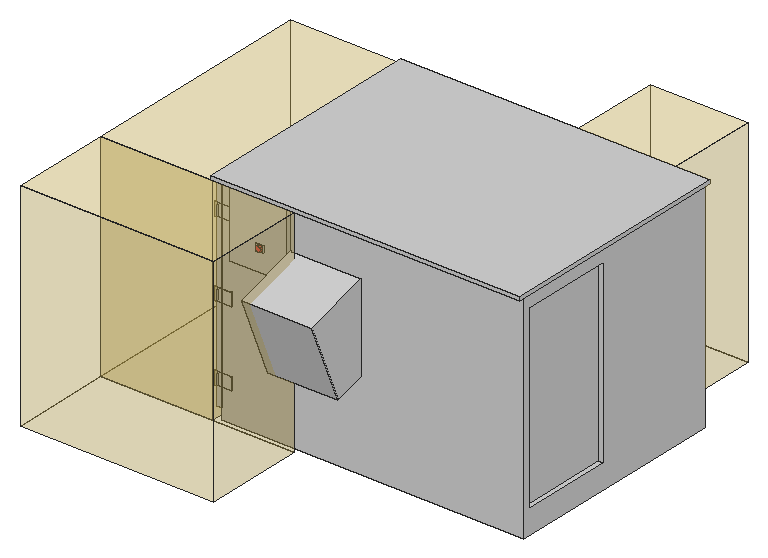
Revit family "Ventilator-RenewAire-Energy-Recovery-HE6XRTR", category Mechanical Equipment, Revit 2015
Parameters (values of type "5.0 HP 208-230V Three Phase")
  Voltage = "208-230"
  Ventilation Type = "Static Plate, Heat and Humidity Transfer"
  Unit Width = "113-1/2\""
  Unit Weight = "2,232-2,769 lbs."
  Unit Length = "106-1/2\""
  Unit Height = "81-3/4\""
  Unit = Metal - RenewAire - Anodized - Gray Text
  URL = "www.renewaire.com"
  Typical Airflow Range = "1,500 - 6,500 CFM"
  Standard Features = "TEFC Premium efficiency motors, Motor starters, Non-fused disconnect, 24 VAC transformer/relay package"
  Shipping Weight = "3,109 lbs."
  Service Area Visibility = yes
  Service Area Box = Interference - RenewAire - Smooth - Light - Gold
  Revit Object Download Link = ""
  Phase = "Three"
  Options = "Integrated programmable controls, Fused disconnect, Double wall construction, Factory supplied and mounted variable frequency drives (VFDs) - one or both airstreams, Class 1 low-leakage motorized isolation dampers - OA, EA or both airstreams, Qty. 2 Factory mounted filter alarms, Exterior paint - white, custom colors"
  Number Motors = "Qty. 2, Belt drive blower/standard motor packages with adjustable sheaves"
  Model = "HE6XRTR"
  Minimum Circuit Amps = "32.6 A"
  Maximum Overcurrent Protection = "45 A"
  Max. Shipping Width = "90\""
  Max. Shipping Length = "116\""
  Max. Shipping Height = "90\""
  Manufacturer = "RenewAire LLC"
  Frequency = "60 HZ"
  FLA per Motor = "14.5-13.4"
  Description = "Energy Recovery Ventilator"
  Connector Base Material = Glass - With - Transparency
  Accessories = "Filters - MERV 13, 2\" (shipped loose), Roof Curb - standard 14\", Curb wind clip,\r\nEngineered combo curb for Carrier RTU, Engineered combo curb for Trane RTU, Digital time clock - wall mount(TC7D-W), in exterior enclosure (TC7D-E), Motion occupancy control - ceiling mount(MC-C), wall mount(MC-W), Carbon dioxide control - wall mount (CO2-W),  duct mount(CO2-D), Electric duct heater – EK series (1-60 KW), EH series (61-175 KW); designed for indoor ductwork installation only, Indirect gas-fired duct furnace - GH series (50-400 MBH), installed downstream of any fans"
  AHRI 1060 Certified Core = "Six L125-G5"
Types (7): name | Voltage | Minimum Circuit Amps | Maximum Overcurrent Protection | FLA per Motor
  (no name) | "208-230" | "32.6 A" | "45 A" | "14.5-13.4"
  5.0 HP 208-230V Three Phase | "208-230" | "32.6 A" | "45 A" | "14.5-13.4"
  5.0 HP 460V Three Phase | "460" | "15.1 A" | "20 A" | "6.7"
  5.0 HP 575V Three Phase | "575" | "11.9 A" | "15 A" | "5.3"
  7.5 HP 208-230V Three Phase | "208-230" | "47.3 A" | "60 A" | "21.0-19.0"
  7.5 HP 460V Three Phase | "460" | "21.4 A" | "25 A" | "9.5"
  7.5 HP 575V Three Phase | "575" | "17.1 A" | "20 A" | "7.6"
Reference planes (in)
  plane 1 "Center (Front/Back)": y = 0
  plane 2: z = 0
  plane 3 "Center (Left/Right)": x = 0
  plane 4: y = 41.875
  plane 5: y = -41.875
  plane 6: x = 56.3125
  plane 7: x = -57.1875
Forms (in)
  Extrusion 1, solid, material "Metal - RenewAire - Anodized - Gray Text" <- "Unit"
    sketch origin (0, 0, 0) x (1, 0, 0) y (0, 1, 0)
      loop
        line (-54, 40.5) -> (-54, -40.5) -> (54, -40.5) -> (54, 40.5) -> (-54, 40.5)
    from 0 to 77
  Extrusion 2, solid, material "Metal - RenewAire - Anodized - Gray Text"
    sketch origin (0, 0, 0) x (1, 0, 0) y (0, 1, 0)
      loop
        line (-56.3125, 42.5) -> (-56.3125, -42.5) -> (54, -42.5) -> (54, 42.5) -> (-56.3125, 42.5)
    from 77 to 78.25
  Extrusion 3, solid, material "Metal - RenewAire - Anodized - Gray Text"
    sketch origin (0, 0, 0) x (1, 0, 0) y (0, 1, 0)
      loop
        line (-54, -40.5) -> (-54, -1.25) -> (-55.5625, -1.25) -> (-55.5625, -40.5) -> (-54, -40.5)
    from 4 to 76
  Extrusion 4, solid, material "Metal - RenewAire - Anodized - Gray Text"
    sketch origin (0, 41.75, 0) x (1, 0, 0) y (0, 1, 0)
      loop
        line (-54, -40.5) -> (-54, -1.25) -> (-55.5625, -1.25) -> (-55.5625, -40.5) -> (-54, -40.5)
    from 4 to 76
  Extrusion 5, solid, material "Metal - RenewAire - Anodized - Gray Text"
    sketch origin (0, 0, 0) x (1, 0, 0) y (0, 0, 1)
      loop
        line (-55.5625, 15.181) -> (-55.5625, 10.75) -> (-50.25, 10.75) -> (-50.25, 15.181) -> (-55.5625, 15.181)
      loop
        line (-55.5625, 42.222) -> (-55.5625, 37.778) -> (-50.25, 37.778) -> (-50.25, 42.222) -> (-55.5625, 42.222)
      loop
        line (-55.5625, 69.25) -> (-55.5625, 64.819) -> (-50.25, 64.819) -> (-50.25, 69.25) -> (-55.5625, 69.25)
    from 40.5 to 40.625
  Extrusion 6, solid, material "Metal - RenewAire - Anodized - Gray Text"
    sketch origin (0, 0, 0) x (1, 0, 0) y (0, 0, 1)
      loop
        line (-55.5625, 15.181) -> (-55.5625, 10.75) -> (-50.25, 10.75) -> (-50.25, 15.181) -> (-55.5625, 15.181)
      loop
        line (-55.5625, 42.222) -> (-55.5625, 37.778) -> (-50.25, 37.778) -> (-50.25, 42.222) -> (-55.5625, 42.222)
      loop
        line (-55.5625, 69.25) -> (-55.5625, 64.819) -> (-50.25, 64.819) -> (-50.25, 69.25) -> (-55.5625, 69.25)
    from -40.625 to -40.5
  Extrusion 7, solid, material "Metal - RenewAire - Anodized - Gray Text"
    sketch origin (0, 0, 0) x (1, 0, 0) y (0, 1, 0)
      loop
        circle (-55.9375, -40.5) r 0.375
    from 10.75 to 15.181
  Extrusion 8, solid, material "Metal - RenewAire - Anodized - Gray Text"
    sketch origin (0, 0, 0) x (1, 0, 0) y (0, 1, 0)
      loop
        circle (-55.9375, -40.5) r 0.375
    from 37.778 to 42.222
  Extrusion 9, solid, material "Metal - RenewAire - Anodized - Gray Text"
    sketch origin (0, 0, 0) x (1, 0, 0) y (0, 1, 0)
      loop
        circle (-55.9375, -40.5) r 0.375
    from 64.819 to 69.25
  Extrusion 10, solid, material "Metal - RenewAire - Anodized - Gray Text"
    sketch origin (0, 81, 0) x (1, 0, 0) y (0, 1, 0)
      loop
        circle (-55.9375, -40.5) r 0.375
    from 10.75 to 15.181
  Extrusion 11, solid, material "Metal - RenewAire - Anodized - Gray Text"
    sketch origin (0, 81, 0) x (1, 0, 0) y (0, 1, 0)
      loop
        circle (-55.9375, -40.5) r 0.375
    from 37.778 to 42.222
  Extrusion 12, solid, material "Metal - RenewAire - Anodized - Gray Text"
    sketch origin (0, 81, 0) x (1, 0, 0) y (0, 1, 0)
      loop
        circle (-55.9375, -40.5) r 0.375
    from 64.819 to 69.25
  Extrusion 13, solid, material "Metal - RenewAire - Anodized - Gray Text"
    sketch origin (0, 0, 0) x (1, 0, 0) y (0, 0, 1)
      loop
        line (-50.25, 77) -> (-50.25, 53) -> (-29.75, 53) -> (-29.75, 77) -> (-50.25, 77)
    from 40.5 to 41.75
  Extrusion 14, solid, material "Metal - RenewAire - Anodized - Gray Text"
    sketch origin (0, 0, 0) x (1, 0, 0) y (0, 0, 1)
      loop
        line (-40.6, 62.1) -> (-40.6, 59.6) -> (-38.1, 59.6) -> (-38.1, 62.1) -> (-40.6, 62.1)
    from 41.75 to 41.875
  Extrusion 15, solid, material "Plastic Red"
    sketch origin (0, 0, 0) x (1, 0, 0) y (0, 0, 1)
      loop
        circle (-39.35, 60.85) r 1
    from 41.75 to 42.5
  Extrusion 16, solid, material "Metal - RenewAire - Anodized - Gray Text"
    sketch origin (0, 0, 0) x (0, 1, 0) y (0, 0, 1)
      loop
        circle (-3.25, 67.0345) r 0.25
    from -56.3125 to -55.5625
  Extrusion 17, solid, material "Metal - RenewAire - Anodized - Gray Text"
    sketch origin (0, 0, 0) x (1, 0, 0) y (0, 0, 1)
      loop
        line (-56.3125, 67.2845) -> (-57.1875, 67.2845) -> (-57.1875, 66.7845) -> (-56.3125, 66.7845) -> (-56.3125, 67.2845)
    from 2.95437 to 6.64353
  Extrusion 18, solid, material "Metal - RenewAire - Anodized - Gray Text"
    sketch origin (0, 0, -54.0845) x (0, 1, 0) y (0, 0, 1)
      loop
        circle (-3.25, 67.0345) r 0.25
    from -56.3125 to -55.5625
  Extrusion 19, solid, material "Metal - RenewAire - Anodized - Gray Text"
    sketch origin (0, 0, -54.0845) x (1, 0, 0) y (0, 0, 1)
      loop
        line (-56.3125, 67.2845) -> (-57.1875, 67.2845) -> (-57.1875, 66.7845) -> (-56.3125, 66.7845) -> (-56.3125, 67.2845)
    from 2.95437 to 6.64353
  Extrusion 20, solid, material "Metal - RenewAire - Anodized - Gray Text"
    sketch origin (0, -0.02735, 79.9845) x (0, -1, 0) y (0, 0, -1)
      loop
        circle (-3.25, 67.0345) r 0.25
    from -56.3125 to -55.5625
  Extrusion 21, solid, material "Metal - RenewAire - Anodized - Gray Text"
    sketch origin (0, -0.02735, 79.9845) x (1, 0, 0) y (0, 0, -1)
      loop
        line (-56.3125, 67.2845) -> (-57.1875, 67.2845) -> (-57.1875, 66.7845) -> (-56.3125, 66.7845) -> (-56.3125, 67.2845)
    from 2.95437 to 7.02735
  Extrusion 22, solid, material "Metal - RenewAire - Anodized - Gray Text"
    sketch origin (0, -0.02735, 134.069) x (0, -1, 0) y (0, 0, -1)
      loop
        circle (-3.25, 67.0345) r 0.25
    from -56.3125 to -55.5625
  Extrusion 23, solid, material "Metal - RenewAire - Anodized - Gray Text"
    sketch origin (0, -0.02735, 134.069) x (1, 0, 0) y (0, 0, -1)
      loop
        line (-56.3125, 67.2845) -> (-57.1875, 67.2845) -> (-57.1875, 66.7845) -> (-56.3125, 66.7845) -> (-56.3125, 67.2845)
    from 2.95437 to 7.02735
  Extrusion 24, solid, material "Metal - RenewAire - Anodized - Gray Text"
    sketch origin (0, 0, 0) x (1, 0, 0) y (0, 1, 0)
      loop
        line (40.5, 40.5) -> (40.5, 41.875) -> (5.75, 41.875) -> (5.75, 40.5) -> (40.5, 40.5)
    from 4 to 76
  Extrusion 25, solid, material "Metal - RenewAire - Anodized - Gray Text"
    sketch origin (46.25, -13.6875, 0) x (0, -1, 0) y (0, 0, 1)
      loop
        line (-55.5625, 15.181) -> (-55.5625, 10.75) -> (-54.1875, 10.75) -> (-54.1875, 15.181) -> (-55.5625, 15.181)
      loop
        line (-55.5625, 42.222) -> (-55.5625, 37.778) -> (-54.1875, 37.778) -> (-54.1875, 42.222) -> (-55.5625, 42.222)
      loop
        line (-55.5625, 69.25) -> (-55.5625, 64.819) -> (-54.1875, 64.819) -> (-54.1875, 69.25) -> (-55.5625, 69.25)
    from 40.5 to 40.625
  Extrusion 26, solid, material "Metal - RenewAire - Anodized - Gray Text"
    sketch origin (46.25, -13.6875, 0) x (0, -1, 0) y (1, 0, 0)
      loop
        circle (-55.9375, -40.5) r 0.375
    from 10.75 to 15.181
  Extrusion 27, solid, material "Metal - RenewAire - Anodized - Gray Text"
    sketch origin (46.25, -13.6875, 0) x (0, -1, 0) y (1, 0, 0)
      loop
        circle (-55.9375, -40.5) r 0.375
    from 37.778 to 42.222
  Extrusion 28, solid, material "Metal - RenewAire - Anodized - Gray Text"
    sketch origin (46.25, -13.6875, 0) x (0, -1, 0) y (1, 0, 0)
      loop
        circle (-55.9375, -40.5) r 0.375
    from 64.819 to 69.25
  Extrusion 29, solid, material "Metal - RenewAire - Anodized - Gray Text"
    sketch origin (0, 0, 0.09434) x (1, 0, 0) y (0, 0, 1)
      loop
        circle (38.5, 67.0345) r 0.5
      loop
        circle (38.5, 12.9655) r 0.5
    from -42.63934 to -41.875
  Extrusion 30, solid, material "Metal - RenewAire - Anodized - Gray Text"
    sketch origin (0, 0, 0) x (1, 0, 0) y (0, 1, 0)
      loop
        line (39, 42.63934) -> (39, 43.13934) -> (35, 43.13934) -> (35, 42.63934) -> (39, 42.63934)
    from 12.54402 to 13.57826
  Extrusion 31, solid, material "Metal - RenewAire - Anodized - Gray Text"
    sketch origin (0, 0, 0) x (1, 0, 0) y (0, 1, 0)
      loop
        line (39, 42.63934) -> (39, 43.13934) -> (35, 43.13934) -> (35, 42.63934) -> (39, 42.63934)
    from 66.62861 to 67.65618
  Extrusion 32, solid, material "Metal - RenewAire - Anodized - Gray Text"
    sketch origin (0, 0, 0) x (1, 0, 0) y (0, 1, 0)
      loop
        line (39, 42.42236) -> (36.93236, 42.42236) -> (35.90842, 43.13934) -> (35.90842, 42.63934) -> (37, 41.875) -> (39, 41.875) -> (39, 42.42236)
    from 39.5 to 40.5
  Extrusion 33, solid, material "Metal - RenewAire - Anodized - Gray Text"
    sketch origin (0, 0, 0) x (1, 0, 0) y (0, 1, 0)
      loop
        circle (35.90842, 42.88934) r 0.25
    from 37.778 to 42.222
  Extrusion 34, solid, material "Interference - RenewAire - Smooth - Light - Gold" <- "Service Area Box", visible <- "Service Area Visibility"
    sketch origin (0, 0, 0) x (1, 0, 0) y (0, 1, 0)
      loop
        line (5.75, 41.875) -> (40.5, 41.875) -> (40.5, 76.625) -> (5.75, 76.625) -> (5.75, 41.875)
    from 0 to 77
  Extrusion 35, solid, material "Interference - RenewAire - Smooth - Light - Gold", visible <- "Service Area Visibility"
    sketch origin (0, 0, 0) x (1, 0, 0) y (0, 1, 0)
      loop
        line (-55.5625, 42.5) -> (-95.5625, 42.5) -> (-95.5625, -42.5) -> (-55.5625, -42.5) -> (-55.5625, 42.5)
    from 0 to 77
  Extrusion 36, solid, material "Interference - RenewAire - Smooth - Light - Gold", visible <- "Service Area Visibility"
    sketch origin (0, -2, 0) x (1, 0, 0) y (0, 1, 0)
      loop
        line (-26.3125, -40.5) -> (-95.5625, -40.5) -> (-95.5625, -76.5) -> (-26.3125, -76.5) -> (-26.3125, -40.5)
    from 0 to 77
  Extrusion 37, void
    sketch origin (0, 0, 0) x (0, 1, 0) y (0, 0, 1)
      loop
        line (-38.125, 72.81) -> (-38.125, 8.56) -> (-4.875, 8.56) -> (-4.875, 72.81) -> (-38.125, 72.81)
    from 52 to 56.3125
  Extrusion 38, solid, material "Metal - RenewAire - Anodized - Gray Text"
    sketch origin (0, 0, 0) x (0, 1, 0) y (0, 0, 1)
      loop
        line (-40.5, 31.25) -> (-40.5, 62.75) -> (-62.625, 56.5) -> (-51, 28.5) -> (-40.5, 31.25)
    from -29.25 to -4.25
  Extrusion 39, void
    sketch origin (0, 0, 0) x (1, 0, 0) y (0, 1, 0)
      loop
        line (-53.5, 40) -> (-53.5, -40) -> (53.5, -40) -> (53.5, 40) -> (-53.5, 40)
    from -3.26422 to 4.625
  Extrusion 40, void
    sketch origin (0, 0, 0) x (1, 0, 0) y (0, 1, 0)
      loop
        line (22.125, 35.375) -> (22.125, 1.375) -> (46.125, 1.375) -> (46.125, 35.375) -> (22.125, 35.375)
    from 0 to 4.75
  Extrusion 41, solid, material "Metal - RenewAire - Anodized - Gray Text" <- "Unit"
    sketch origin (0, 0, 0) x (1, 0, 0) y (0, 0, 1)
      loop
        line (-9.9375, 32) -> (-25.8125, 32) -> (-25.8125, 10.25) -> (-9.9375, 10.25) -> (-9.9375, 32)
      loop
        line (-10.1875, 31.75) -> (-25.5625, 31.75) -> (-25.5625, 10.5) -> (-10.1875, 10.5) -> (-10.1875, 31.75)
    from -41.875 to -40.5
Cuts and joins
  Extrusion 37, Extrusion 39, Extrusion 40 cuts Extrusion 1
Dimensions and locks (in)
  aligned and locked: level to plane 2
Nested families (in)
  nested 1: "Monitoring Port" at (17.75, 42.125, 60.778), type "Monitoring Port"
  nested 2: "Monitoring Port" at (28.5, 42.125, 60.778), type "Monitoring Port"
  nested 3: "Monitoring Port" at (17.75, 42.125, 48.778), type "Monitoring Port"
  nested 4: "Monitoring Port" at (28.5, 42.125, 48.778), type "Monitoring Port"
Connectors (in)
  hvac at (-17.875, 41.875, 21.125)
    settings: on Extrusion 41, index 2, duct flow 0 CFM, flow factor 0, pres drop 0.00 in-wg, loss coef 0, conn angle 0.00°, conn width 15 7/8", conn height 21 3/4", conn diameter 24", duct sys type 1, conn prof type 1, flow config 0, flow direction 2, loss method 0, conn ref index -1, conn util no, is conn primary yes, conn desc "FA (Fresh Air)"
  hvac at (34.125, 18.375, 4.75)
    settings: on cut or joined group of Extrusion 1, Extrusion 37, Extrusion 39, Extrusion 40, index 4, duct flow 0 CFM, flow factor 0, pres drop 0.00 in-wg, loss coef 0, conn angle 0.00°, conn width 34", conn height 24", conn diameter 24", duct sys type 2, conn prof type 1, flow config 0, flow direction 1, loss method 0, conn ref index -1, conn util no, is conn primary no, conn desc "RA (Return Air)"
Definition of nested family "Monitoring Port"
  Parameters (values of type "Monitoring Port")
    URL = "www.renewaire.com"
    Revit Object Download Link = ""
    Model = ""
    Manufacturer = "RenewAire LLC"
    Description = "Monitoring Ports"
  Reference planes (in)
    plane 1 "Center (Front/Back)": y = 0
    plane 2: z = 0
    plane 3 "Center (Left/Right)": x = 0
  Forms (in)
    Extrusion 1, solid
      sketch origin (-9.43348, 0, 37.76669) x (-1, 0, 0) y (0, 0, -1)
        loop
          line (-9.53348, 35.65895) -> (-9.94097, 35.42369) -> (-9.94097, 34.83769) -> (-9.43348, 34.54469) -> (-8.92599, 34.83769) -> (-8.92599, 35.42369) -> (-9.33348, 35.65895) -> (-9.33348, 37.28756)
          arc (-9.33348, 37.28756) -> (-9.43348, 37.76669) -> (-9.53348, 37.28756) r 0.25
          line (-9.53348, 37.28756) -> (-9.53348, 35.65895)
      from 0 to 0.25
  Dimensions and locks (in)
    aligned and locked: level to plane 2
